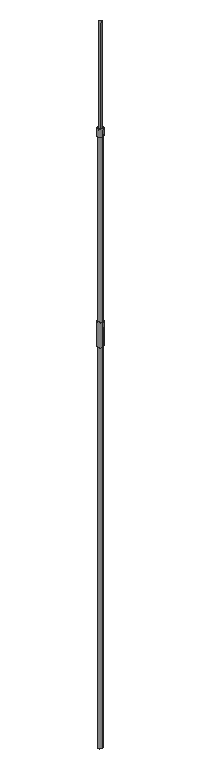
Revit family "isFang, isolierter Fangmast", category Generic Models, Revit 2015
Parameters (values of type "isFang 6000")
  URL = "http://www.obo-bettermann.com"
  Material = Fibre-glass-reinforced plastic
  Manufacturer Art.No. = "5408946"
  Manufacturer = "OBO Bettermann"
  Height 2 = 865 mm
  Height 1 = 1560 mm
  Height = 3440 mm
  GTIN = "4012195670063"
  Article Type = "isFang 6000"
Types (5, lengths in mm): name | Material | Manufacturer Art.No. | Height | GTIN | Article Type
  (no name) | Fibre-glass-reinforced plastic | "5408946" | 3440 | "4012195670063" | "isFang 6000"
  isFang 4000 AL | Aluminum | "5408943" | 1440 | "4012195785330" | "isFang 4000 AL"
  isFang 6000 AL | Aluminum | "5408947" | 3440 | "4012195785347" | "isFang 6000 AL"
  isFang 4000 | Fibre-glass-reinforced plastic | "5408942" | 1440 | "4012195670056" | "isFang 4000"
  isFang 6000 | Fibre-glass-reinforced plastic | "5408946" | 3440 | "4012195670063" | "isFang 6000"
Reference planes
  plane 1 "Center (Front/Back)": y = 0
  plane 2: z = 0
  plane 3 "Center (Left/Right)": x = 0
  plane 4: z = 3440
  plane 5: z = 5000
  plane 6: z = 5865
  plane 7: z = 3240
  plane 8: z = 4940
Forms (mm)
  Extrusion 1, solid, material "Fibre-glass-reinforced plastic" <- "Material"
    sketch origin (0, 0, 0) x (1, 0, 0) y (0, 1, 0)
      loop
        circle (0, 0) r 20
    from 0 to 3440
  Extrusion 2, solid, material "Fibre-glass-reinforced plastic" <- "Material"
    sketch origin (0, 0, 0) x (1, 0, 0) y (0, 1, 0)
      loop
        circle (0, 0) r 20
    from 3440 to 5000
  Extrusion 3, solid, material "Fibre-glass-reinforced plastic" <- "Material"
    sketch origin (0, 0, 0) x (1, 0, 0) y (0, 1, 0)
      loop
        circle (0, 0) r 8
    from 5000 to 5865
  Extrusion 4, solid, material "Fibre-glass-reinforced plastic" <- "Material"
    sketch origin (0, 0, 0) x (1, 0, 0) y (0, 1, 0)
      loop
        circle (0, 0) r 22.25
    from 3240 to 3440
  Extrusion 5, solid, material "Fibre-glass-reinforced plastic" <- "Material"
    sketch origin (0, 0, 0) x (1, 0, 0) y (0, 1, 0)
      loop
        circle (0, 0) r 22.25
    from 4940 to 5000
Dimensions and locks
  locked: plane 3 "Center (Left/Right)" to Extrusion 1 sketch curve
  locked: plane 1 "Center (Front/Back)" to Extrusion 1 sketch curve
  "Height": plane 4 to level
  locked: plane 1 "Center (Front/Back)" to Extrusion 2 sketch curve
  locked: plane 3 "Center (Left/Right)" to Extrusion 2 sketch curve
  "Height 1": plane 5 to plane 4
  locked: plane 3 "Center (Left/Right)" to Extrusion 3 sketch curve
  locked: plane 1 "Center (Front/Back)" to Extrusion 3 sketch curve
  "Height 2": plane 6 to plane 5
  locked: plane 3 "Center (Left/Right)" to Extrusion 4 sketch curve
  locked: plane 1 "Center (Front/Back)" to Extrusion 4 sketch curve
  locked: plane 4 to plane 7 at 200
  locked: plane 3 "Center (Left/Right)" to Extrusion 5 sketch curve
  locked: plane 1 "Center (Front/Back)" to Extrusion 5 sketch curve
  locked: plane 5 to plane 8 at 60
  radius of Extrusion 1 sketch curve = 20 mm
  radius of Extrusion 4 sketch curve = 22.25 mm
  radius of Extrusion 5 sketch curve = 22.25 mm
  radius of Extrusion 3 sketch curve = 8 mm
  aligned and locked: level to plane 2
  aligned and locked: Extrusion 1 to level
  aligned and locked: plane 4 to Extrusion 1
  aligned and locked: plane 5 to Extrusion 2
  aligned and locked: Extrusion 2 to plane 4
  aligned and locked: plane 6 to Extrusion 3
  aligned and locked: Extrusion 3 to Extrusion 2
  aligned and locked: plane 4 to Extrusion 4
  aligned and locked: Extrusion 4 to plane 7
  aligned and locked: Extrusion 5 to Extrusion 2
  aligned and locked: Extrusion 5 to plane 8
Automatic sketch dimensions
  radius of Extrusion 2 sketch curve = 20 mm
